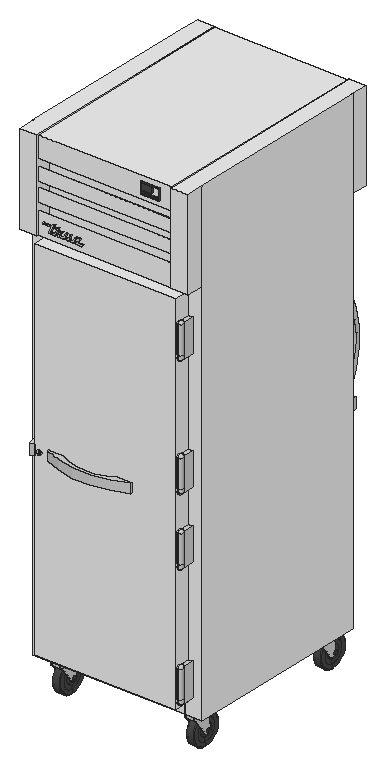
Revit family "QF_TRUE_STR1RPT-1S-1G-HC", category Specialty Equipment, Revit 2012
Parameters
  Weight in Pounds = 0
  Watts = Volts * FL Amps  # 437 W
  Volts = 115 V
  URL Manufacturer = "www.truemfg.com"
  URL Cutsheet = "www.truemfg.com"
  URL = "www.truemfg.com"
  Type Mark [instance] = ""
  Type Comments = "www.truemfg.com"
  Status [instance] = ""
  Specification by User [instance] = ""
  Specification by Manufacturer = ""
  Show Seismic Flanged [instance] = no
  Show Logo [instance] = yes
  Show Legs [instance] = no
  Show Clearance [instance] = yes
  Serial Number = ""
  Seismic Rating = ""
  Seismic Plate [instance] = and(Show Seismic Flanged, not(Show Casters))  # no
  SMACNA No = ""
  Revision Code [instance] = ""
  Phase = 1
  Omniclass Number and Title = ""
  Number of Poles [instance] = 1
  NAFEM Spec ID Number = ""
  Model = "STR1RPT-1S-1G-HC"
  Min Ckt Ampacity = 3.8 A
  Max Overcurrent Protection = 3.8 A
  MasterSpec. = ""
  Manufacturer = "TRUE FOOD SERVICE EQUIPMENT, INC."
  Length = 27 1/2"
  Legs [instance] = or(Show Legs, Show Seismic Flanged)  # no
  Item Number [instance] = ""
  Installed By [instance] = ""
  Identify Quantity as Lot [instance] = yes
  Height = 77 3/4"
  HP = "1/4"
  Furnished By [instance] = ""
  Foodservice Equipment Identifier [instance] = yes
  FL Amps = 3.8 A
  Electrical Remarks [instance] = ""
  Electric Connection Type [instance] = ""
  Elec Conn RI Height [instance] = 0"
  Elec Conn Connection Height [instance] = 0"
  Description = "PASS-THRU SOLID FRONT/GLASS REAR SWING DOORS REFRIGERATOR WITH HYDROCARBON REFRIGERANT"
  Depth = 36 1/8"
  Cycle = 60 Hz
  Conn Plug = "5-15P"
  Conn Conduit = yes
  Show Casters [instance] = and(not(if(Show Legs, Show Legs, Show Legs)), not(if(Show Legs, Show Legs, Show Seismic Flanged)))  # yes
  CSI MasterFormat = ""
  CSI Master Format = ""
  Apparent Power = if(Phase = 3, Volts * FL Amps * 1.73, Volts * FL Amps)  # 437 VA
Reference planes (in)
  plane 1: z = 0
  plane 2 "LEFT": x = 0
  plane 3 "RIGHT": x = 27.5
  plane 4 "FRONT": y = -33.75
  plane 5 "TOP": z = 84.125
  plane 6: z = 6.125
  plane 7: y = -33.7042
  plane 8: y = 2.375
  plane 9: y = 4.03125
  plane 10: y = -35.40625
Forms (in)
  Extrusion 1, solid, material "QF_Finishes_Chrome - Satin"
    sketch origin (0.05, 0, 0) x (1, 0, 0) y (0, 1, 0)
      loop
        line (-0.05, -0.375) -> (-0.05, -31) -> (2.80938, -31) -> (2.80938, -0.375) -> (-0.05, -0.375)
    from 6.125 to 84.125
  Extrusion 2, solid, material "QF_Finishes_Chrome - Satin"
    sketch origin (50.10312, 0, 0) x (1, 0, 0) y (0, 1, 0)
      loop
        line (-25.4625, -0.375) -> (-25.4625, -31) -> (-22.60312, -31) -> (-22.60312, -0.375) -> (-25.4625, -0.375)
    from 6.125 to 84.125
  Extrusion 3, solid, material "QF_Finishes_Chrome - Satin"
    sketch origin (0, 0, 0) x (0, 1, 0) y (0, 0, 1)
      loop
        line (-33.5625, 69.5) -> (-31, 69.5) -> (-31, 64.625) -> (-0.375, 64.625) -> (-0.375, 69.5) -> (2.1875, 69.5) -> (2.1875, 73.29302) -> (-0.15841, 71.625) -> (-0.15841, 72.90057) -> (2.1875, 74.56859) -> (2.1875, 76.6648) -> (-0.15841, 74.99678) -> (-0.15841, 75.95754) -> (2.1875, 77.62556) -> (2.1875, 79.75927) -> (-0.15841, 78.09125) -> (-0.15841, 79.21352) -> (2.1875, 80.88154) -> (2.1875, 84.125) -> (-33.5625, 84.125) -> (-33.5625, 80.68002) -> (-31.5, 79.21352) -> (-31.5, 78.09125) -> (-33.5625, 79.55776) -> (-33.5625, 77.42405) -> (-31.5, 75.95754) -> (-31.5, 74.99678) -> (-33.5625, 76.46328) -> (-33.5625, 74.36708) -> (-31.5, 72.90057) -> (-31.5, 71.625) -> (-33.5625, 73.09151) -> (-33.5625, 69.5)
      loop
        line (-31, 6.125) -> (-0.375, 6.125) -> (-0.375, 8.94743) -> (-31, 8.94743) -> (-31, 6.125)
    from 2.85938 to 24.64063
  Extrusion 4, solid, material "QF_Finishes_Chrome - Satin"
    sketch origin (0.10531, 0, 0) x (1, 0, 0) y (0, 1, 0)
      loop
        line (27.34782, -31) -> (24.53532, -31) -> (24.53532, -33.75) -> (27.34782, -33.75) -> (27.34782, -31)
    from 69.5 to 84.125
  Extrusion 5, solid, material "QF_Finishes_Chrome - Satin"
    sketch origin (-50.19421, 0, 0.25) x (1, 0, 0) y (0, 1, 0)
      loop
        line (53.05359, -31) -> (50.24109, -31) -> (50.24109, -33.75) -> (53.05359, -33.75) -> (53.05359, -31)
    from 69.25 to 83.875
  Extrusion 6, solid, material "QF_Finishes_Chrome - Satin"
    sketch origin (-25.125, 0, -0.71875) x (1, 0, 0) y (0, 0, 1)
      loop
        line (50.34375, 68.6875) -> (27.40625, 68.6875) -> (27.40625, 8.75) -> (50.34375, 8.75) -> (50.34375, 68.6875)
    from 31 to 33.5625
  Extrusion 7, solid, material "QF_Finishes_Handrails and Railings"
    sketch origin (58.4375, -0.0747, 26.3692) x (1, 0, 0) y (0, 1, 0)
      loop
        line (-53.875, -33.4878) -> (-53.875, -33.7)
        arc (-53.875, -33.7) -> (-47.075, -35.33156) -> (-40.275, -33.7) r 14.98624
        line (-40.275, -33.7) -> (-40.275, -33.4878) -> (-42.65351, -33.4878)
        arc (-42.65351, -33.4878) -> (-47.075, -34.84322) -> (-51.49649, -33.4878) r 7.88937
        line (-51.49649, -33.4878) -> (-53.875, -33.4878)
    from 10.87731 to 12.37731
  Extrusion 8, solid, material "QF_Finishes_Handrails and Railings"
    sketch origin (-23.375, 0, -2.25) x (1, 0, 0) y (0, 0, 1)
      loop
        circle (26.4375, 40.0625) r 0.35
      loop
        line (26.47265, 40.33635) -> (26.41715, 40.33635) -> (26.41715, 39.76895) -> (26.47265, 39.76895) -> (26.47265, 40.33635)
    from 33.5625 to 33.625
  Extrusion 9, solid, material "QF_Finishes_Handrails and Railings", visible <- "Show Logo"
    sketch origin (0.33478, 1.08173, -6.73143) x (1, 0, 0) y (0, 0, 1)
      loop
        line (3.46044, 78.46231) -> (3.35478, 78.23573) -> (4.76027, 78.23573)
        arc (4.76027, 78.23573) -> (4.78879, 78.18528) -> (4.76027, 78.13484) r 0.05887
        line (4.76027, 78.13484) -> (4.39369, 77.34872)
        arc (4.39369, 77.34872) -> (4.39051, 77.27591) -> (4.43975, 77.22217) r 0.09523
        line (4.43975, 77.22217) -> (5.33844, 77.22217)
        arc (5.33844, 77.22217) -> (5.45192, 77.25795) -> (5.52436, 77.35235) r 0.19785
        line (5.52436, 77.35235) -> (5.81285, 77.97101) -> (6.0779, 77.97101)
        arc (6.0779, 77.97101) -> (6.14744, 77.94543) -> (6.13737, 77.87203) r 0.05911
        line (6.13737, 77.87203) -> (5.89598, 77.35437)
        arc (5.89598, 77.35437) -> (5.89974, 77.2684) -> (5.97231, 77.22217) r 0.09318
        line (5.97231, 77.22217) -> (6.76198, 77.22217)
        arc (6.76198, 77.22217) -> (6.82249, 77.24419) -> (6.85468, 77.29995) r 0.09412
        arc (6.85468, 77.29995) -> (6.87746, 77.24495) -> (6.93246, 77.22217) r 0.07778
        line (6.93246, 77.22217) -> (7.43246, 77.22217)
        arc (7.43246, 77.22217) -> (7.49022, 77.23765) -> (7.53251, 77.27993) r 0.11552
        arc (7.53251, 77.27993) -> (7.55275, 77.23106) -> (7.60162, 77.21081) r 0.06912
        line (7.60162, 77.21081) -> (8.31225, 77.21081)
        arc (8.31225, 77.21081) -> (8.37034, 77.23488) -> (8.39441, 77.29297) r 0.08216
        arc (8.39441, 77.29297) -> (8.44767, 77.23972) -> (8.52042, 77.22022) r 0.14551
        line (8.52042, 77.22022) -> (9.85158, 77.22022) -> (9.99946, 77.47634) -> (8.65678, 77.47634)
        arc (8.65678, 77.47634) -> (8.61972, 77.50204) -> (8.61834, 77.54711) r 0.05009
        line (8.61834, 77.54711) -> (8.64157, 77.59692)
        arc (8.64157, 77.59692) -> (8.67723, 77.64364) -> (8.73327, 77.66135) r 0.09747
        line (8.73327, 77.66135) -> (9.16485, 77.66135)
        arc (9.16485, 77.66135) -> (9.258, 77.68631) -> (9.32619, 77.7545) r 0.1863
        line (9.32619, 77.7545) -> (9.45119, 77.97101)
        arc (9.45119, 77.97101) -> (9.45119, 78.08657) -> (9.35111, 78.14434) r 0.11556
        line (9.35111, 78.14434) -> (8.89562, 78.14434)
        arc (8.89562, 78.14434) -> (8.7795, 78.12462) -> (8.69849, 78.03912) r 0.18605
        line (8.69849, 78.03912) -> (8.48204, 77.57493)
        arc (8.48204, 77.57493) -> (8.41815, 77.49167) -> (8.31806, 77.46011) r 0.1745
        line (8.31806, 77.46011) -> (7.84559, 77.46011)
        arc (7.84559, 77.46011) -> (7.78903, 77.52184) -> (7.79268, 77.60548) r 0.10939
        line (7.79268, 77.60548) -> (8.04395, 78.14434) -> (7.88403, 78.14434) -> (7.61781, 77.57344)
        arc (7.61781, 77.57344) -> (7.56609, 77.50603) -> (7.48505, 77.48048) r 0.14128
        line (7.48505, 77.48048) -> (7.15925, 77.48048)
        arc (7.15925, 77.48048) -> (7.10419, 77.55223) -> (7.116, 77.64189) r 0.11816
        line (7.116, 77.64189) -> (7.3503, 78.14434) -> (7.18514, 78.14434) -> (6.91546, 77.566)
        arc (6.91546, 77.566) -> (6.85285, 77.50339) -> (6.76733, 77.48048) r 0.17104
        line (6.76733, 77.48048) -> (6.29555, 77.48048)
        arc (6.29555, 77.48048) -> (6.21082, 77.51999) -> (6.20267, 77.61313) r 0.0935
        line (6.20267, 77.61313) -> (6.35774, 77.94569) -> (6.57695, 77.94569)
        arc (6.57695, 77.94569) -> (6.61395, 78.05717) -> (6.69267, 78.14434) r 0.2857
        line (6.69267, 78.14434) -> (5.83605, 78.14434)
        arc (5.83605, 78.14434) -> (5.74086, 78.12324) -> (5.67498, 78.05135) r 0.16212
        line (5.67498, 78.05135) -> (5.44279, 77.55341)
        arc (5.44279, 77.55341) -> (5.3894, 77.50002) -> (5.31647, 77.48048) r 0.14586
        line (5.31647, 77.48048) -> (4.80506, 77.48048)
        arc (4.80506, 77.48048) -> (4.76514, 77.53442) -> (4.77274, 77.60109) r 0.09155
        line (4.77274, 77.60109) -> (5.11018, 78.23573) -> (5.96155, 78.23573) -> (6.06721, 78.46231) -> (5.21584, 78.46231) -> (5.32149, 78.68888) -> (5.01862, 78.68888) -> (4.91297, 78.46231) -> (3.46044, 78.46231)
      loop
        arc (8.83805, 77.93863) -> (8.80119, 77.92875) -> (8.7742, 77.90176) r 0.07373
        line (8.7742, 77.90176) -> (8.75229, 77.83436)
        arc (8.75229, 77.83436) -> (8.76245, 77.80983) -> (8.78699, 77.79966) r 0.0347
        line (8.78699, 77.79966) -> (9.15948, 77.79966)
        arc (9.15948, 77.79966) -> (9.18632, 77.80561) -> (9.20812, 77.82234) r 0.0635
        line (9.20812, 77.82234) -> (9.22624, 77.90622)
        arc (9.22624, 77.90622) -> (9.22091, 77.92868) -> (9.20009, 77.93863) r 0.02676
        line (9.20009, 77.93863) -> (8.83805, 77.93863)
    from 34.64423 to 34.83173
  Extrusion 10, solid
    sketch origin (-25.125, 2.60721, 0) x (1, 0, 0) y (0, 0, 1)
      loop
        circle (49.375, 82) r 0.25
    from 0.23221 to 0.125
  Blend 11, solid, material "QF_Finishes_Handrails and Railings"
    base sketch origin (27.53125, 0, -0.25) x (-1, 0, 0) y (0, 0, -1)
      loop
        line (25.25, -38.99169) -> (26, -38.99169) -> (26, -37.24169) -> (25.25, -37.24169) -> (25.25, -38.99169)
    top sketch origin (27.53125, 0, -0.25) x (-1, 0, 0) y (0, 0, -1)
      loop
        line (26.18223, -36.6441) -> (25.25, -36.6441) -> (25.25, -39.42643) -> (26.18223, -39.42643) -> (26.18223, -36.6441)
    from 33.5625 to 31
  Extrusion 12, solid, material "QF_Finishes_Handrails and Railings"
    sketch origin (26.21875, 0.10979, 0) x (0, 1, 0) y (0, 0, -1)
      loop
        line (-31.10979, -64.55229) -> (-31.10979, -59.23627) -> (-33.25, -59.23627) -> (-33.25, -59.94848) -> (-32.81497, -59.94848) -> (-32.81497, -64.34776)
        arc (-32.81497, -64.34776) -> (-32.75506, -64.49238) -> (-32.61044, -64.55229) r 0.20453
        line (-32.61044, -64.55229) -> (-31.10979, -64.55229)
    from 0.17506 to 1
  Revolve 13, solid, material "QF_Finishes_Handrails and Railings"
    sketch origin (25.71875, 0.10979, 0) x (0, 1, 0) y (0, 0, -1)
      loop
        line (-33.26563, -60.00189) -> (-33.67229, -60.00189) -> (-33.67229, -64.4736)
        arc (-33.67229, -64.4736) -> (-33.53722, -64.72557) -> (-33.26563, -64.81483) r 0.3848
        line (-33.26563, -64.81483) -> (-33.26563, -60.00189)
      loop
        line (-33.26563, -59.94848) -> (-33.26563, -59.04781)
        arc (-33.26563, -59.04781) -> (-33.53264, -59.13383) -> (-33.67229, -59.37712) r 0.38884
        line (-33.67229, -59.37712) -> (-33.67229, -59.94848) -> (-33.26563, -59.94848)
      axis (-33.26563, -59.04781) -> (-33.26563, -64.81483)
    angle from 0 to 360
  Extrusion 14, solid, material "QF_Finishes_Handrails and Railings"
    sketch origin (27.53125, 0.10979, 0) x (-1, 0, 0) y (0, 0, -1)
      loop
        line (1.91491, -64.4736) -> (2.3125, -64.4736) -> (2.3125, -60.00079) -> (1.91491, -60.00079) -> (1.91491, -64.4736)
    from 32.81497 to 33.59495
  Extrusion 15, solid, material "QF_Finishes_Handrails and Railings"
    sketch origin (26.21875, 0.10979, -19.5) x (0, 1, 0) y (0, 0, -1)
      loop
        line (-31.10979, -64.55229) -> (-31.10979, -59.23627) -> (-33.25, -59.23627) -> (-33.25, -59.94848) -> (-32.81497, -59.94848) -> (-32.81497, -64.34776)
        arc (-32.81497, -64.34776) -> (-32.75506, -64.49238) -> (-32.61044, -64.55229) r 0.20453
        line (-32.61044, -64.55229) -> (-31.10979, -64.55229)
    from 0.17506 to 1
  Revolve 16, solid, material "QF_Finishes_Handrails and Railings"
    sketch origin (25.71875, 0.10979, -19.5) x (0, 1, 0) y (0, 0, -1)
      loop
        line (-33.26563, -60.00189) -> (-33.67229, -60.00189) -> (-33.67229, -64.4736)
        arc (-33.67229, -64.4736) -> (-33.53722, -64.72557) -> (-33.26563, -64.81483) r 0.3848
        line (-33.26563, -64.81483) -> (-33.26563, -60.00189)
      loop
        line (-33.26563, -59.94848) -> (-33.26563, -59.04781)
        arc (-33.26563, -59.04781) -> (-33.53264, -59.13383) -> (-33.67229, -59.37712) r 0.38884
        line (-33.67229, -59.37712) -> (-33.67229, -59.94848) -> (-33.26563, -59.94848)
      axis (-33.26563, -59.04781) -> (-33.26563, -64.81483)
    angle from 0 to 360
  Extrusion 17, solid, material "QF_Finishes_Handrails and Railings"
    sketch origin (27.53125, 0.10979, -19.5) x (-1, 0, 0) y (0, 0, -1)
      loop
        line (1.91491, -64.4736) -> (2.3125, -64.4736) -> (2.3125, -60.00079) -> (1.91491, -60.00079) -> (1.91491, -64.4736)
    from 32.81497 to 33.59495
  Extrusion 18, solid, material "QF_Finishes_Handrails and Railings"
    sketch origin (26.21875, 0.10979, -30.5) x (0, 1, 0) y (0, 0, -1)
      loop
        line (-31.10979, -64.55229) -> (-31.10979, -59.23627) -> (-33.25, -59.23627) -> (-33.25, -59.94848) -> (-32.81497, -59.94848) -> (-32.81497, -64.34776)
        arc (-32.81497, -64.34776) -> (-32.75506, -64.49238) -> (-32.61044, -64.55229) r 0.20453
        line (-32.61044, -64.55229) -> (-31.10979, -64.55229)
    from 0.17506 to 1
  Revolve 19, solid, material "QF_Finishes_Handrails and Railings"
    sketch origin (25.71875, 0.10979, -30.5) x (0, 1, 0) y (0, 0, -1)
      loop
        line (-33.26563, -60.00189) -> (-33.67229, -60.00189) -> (-33.67229, -64.4736)
        arc (-33.67229, -64.4736) -> (-33.53722, -64.72557) -> (-33.26563, -64.81483) r 0.3848
        line (-33.26563, -64.81483) -> (-33.26563, -60.00189)
      loop
        line (-33.26563, -59.94848) -> (-33.26563, -59.04781)
        arc (-33.26563, -59.04781) -> (-33.53264, -59.13383) -> (-33.67229, -59.37712) r 0.38884
        line (-33.67229, -59.37712) -> (-33.67229, -59.94848) -> (-33.26563, -59.94848)
      axis (-33.26563, -59.04781) -> (-33.26563, -64.81483)
    angle from 0 to 360
  Extrusion 20, solid, material "QF_Finishes_Handrails and Railings"
    sketch origin (27.53125, 0.10979, -30.5) x (-1, 0, 0) y (0, 0, -1)
      loop
        line (1.91491, -64.4736) -> (2.3125, -64.4736) -> (2.3125, -60.00079) -> (1.91491, -60.00079) -> (1.91491, -64.4736)
    from 32.81497 to 33.59495
  Extrusion 21, solid, material "QF_Finishes_Handrails and Railings"
    sketch origin (26.21875, 0.10979, -50.25) x (0, 1, 0) y (0, 0, -1)
      loop
        line (-31.10979, -64.55229) -> (-31.10979, -59.19743) -> (-33.25, -59.19743) -> (-33.25, -59.94848) -> (-32.81497, -59.94848) -> (-32.81497, -64.34776)
        arc (-32.81497, -64.34776) -> (-32.75506, -64.49238) -> (-32.61044, -64.55229) r 0.20453
        line (-32.61044, -64.55229) -> (-31.10979, -64.55229)
    from 0.17506 to 1
  Revolve 22, solid, material "QF_Finishes_Handrails and Railings"
    sketch origin (25.71875, 0.10979, -50.25) x (0, 1, 0) y (0, 0, -1)
      loop
        line (-33.26563, -60.00189) -> (-33.67229, -60.00189) -> (-33.67229, -64.4736)
        arc (-33.67229, -64.4736) -> (-33.53722, -64.72557) -> (-33.26563, -64.81483) r 0.3848
        line (-33.26563, -64.81483) -> (-33.26563, -60.00189)
      loop
        line (-33.26563, -59.94848) -> (-33.26563, -59.04781)
        arc (-33.26563, -59.04781) -> (-33.53264, -59.13383) -> (-33.67229, -59.37712) r 0.38884
        line (-33.67229, -59.37712) -> (-33.67229, -59.94848) -> (-33.26563, -59.94848)
      axis (-33.26563, -59.04781) -> (-33.26563, -64.81483)
    angle from 0 to 360
  Extrusion 23, solid, material "QF_Finishes_Handrails and Railings"
    sketch origin (27.53125, 0.10979, -50.25) x (-1, 0, 0) y (0, 0, -1)
      loop
        line (1.91491, -64.4736) -> (2.3125, -64.4736) -> (2.3125, -60.00079) -> (1.91491, -60.00079) -> (1.91491, -64.4736)
    from 32.81497 to 33.59495
  Revolve 24, solid, material "QF_Finishes_Black", visible <- "Show Casters"
    sketch origin (22.65625, -27.375, 0) x (1, 0, 0) y (0, 0, 1)
      loop
        line (1.475, 5) -> (1.375, 4.9) -> (1.375, 4.29941) -> (1.53601, 4.29941) -> (1.53601, 3.54941) -> (1.375, 3.54941) -> (1.375, 2.79941) -> (0.975, 2.79941) -> (0.975, 2.5) -> (3.025, 2.5) -> (3.025, 2.79941) -> (2.62908, 2.79941) -> (2.62908, 3.54941) -> (2.46399, 3.54941) -> (2.46399, 4.29941) -> (2.62908, 4.29941) -> (2.62908, 4.89592) -> (2.525, 5) -> (1.475, 5)
      axis (3.025, 2.5) -> (0.975, 2.5)
    angle from 0 to 360
  Extrusion 25, solid, material "QF_Finishes_Handrails and Railings", visible <- "Show Casters"
    sketch origin (22.65625, 0, 0) x (0, 1, 0) y (0, 0, 1)
      loop
        line (-29.95136, 5.48574) -> (-29.95136, 4.88089) -> (-29.70136, 4.88089) -> (-27.95216, 2.18736)
        arc (-27.95216, 2.18736) -> (-27.23883, 1.94868) -> (-26.84581, 2.59003) r 0.60416
        line (-26.84581, 2.59003) -> (-27.20136, 5.48574) -> (-29.95136, 5.48574)
      loop
        line (-4.45145, 5.48574) -> (-4.45145, 4.88089) -> (-4.20145, 4.88089) -> (-2.45225, 2.18736)
        arc (-2.45225, 2.18736) -> (-1.73892, 1.94868) -> (-1.3459, 2.59003) r 0.60416
        line (-1.3459, 2.59003) -> (-1.70145, 5.48574) -> (-4.45145, 5.48574)
    from 1.175 to 1.325
  Extrusion 26, solid, material "QF_Finishes_Handrails and Railings", visible <- "Show Casters"
    sketch origin (24.15625, 0, 0) x (0, 1, 0) y (0, 0, 1)
      loop
        line (-29.95136, 5.48574) -> (-29.95136, 4.88089) -> (-29.70136, 4.88089) -> (-27.95216, 2.18736)
        arc (-27.95216, 2.18736) -> (-27.23883, 1.94868) -> (-26.84581, 2.59003) r 0.60416
        line (-26.84581, 2.59003) -> (-27.20136, 5.48574) -> (-29.95136, 5.48574)
      loop
        line (-4.45145, 5.48574) -> (-4.45145, 4.88089) -> (-4.20145, 4.88089) -> (-2.45225, 2.18736)
        arc (-2.45225, 2.18736) -> (-1.73892, 1.94868) -> (-1.3459, 2.59003) r 0.60416
        line (-1.3459, 2.59003) -> (-1.70145, 5.48574) -> (-4.45145, 5.48574)
    from 1.175 to 1.325
  Revolve 27, solid, material "QF_Finishes_Chrome - Satin", visible <- "Show Casters"
    sketch origin (22.65625, -28.5625, -0.5) x (1, 0, 0) y (0, 0, 1)
      loop
        line (2, 5.99546) -> (2, 6.62359) -> (0.70293, 6.62359) -> (0.70293, 5.99546) -> (2, 5.99546)
      axis (2, 5.99546) -> (2, 6.62359)
    angle from 0 to 360
  Revolve 28, solid, material "QF_Finishes_Chrome - Satin", visible <- "Legs"
    sketch origin (22.65625, -2.69102, 0) x (1, 0, 0) y (0, 0, 1)
      loop
        line (2, 6.125) -> (0.66662, 6.125) -> (1.25, 1) -> (1.5, 1) -> (1.5, 0) -> (2, 0) -> (2, 6.125)
      axis (2, 0) -> (2, 6.125)
    angle from 0 to 360
  Revolve 29, solid, material "QF_Finishes_Chrome - Satin", visible <- "Legs"
    sketch origin (22.65625, -28.65977, 0) x (1, 0, 0) y (0, 0, 1)
      loop
        line (2, 6.125) -> (0.66662, 6.125) -> (1.25, 1) -> (1.5, 1) -> (1.5, 0) -> (2, 0) -> (2, 6.125)
      axis (2, 0) -> (2, 6.125)
    angle from 0 to 360
  Revolve 30, solid, material "QF_Finishes_Chrome - Satin", visible <- "Show Casters"
    sketch origin (22.65625, -2.70321, -0.5) x (1, 0, 0) y (0, 0, 1)
      loop
        line (2, 5.99546) -> (2, 6.62359) -> (0.70293, 6.62359) -> (0.70293, 5.99546) -> (2, 5.99546)
      axis (2, 5.99546) -> (2, 6.62359)
    angle from 0 to 360
  Extrusion 31, solid, material "QF_Finishes_Handrails and Railings", visible <- "Show Casters"
    sketch origin (-25.125, 0, 0) x (0, 1, 0) y (0, 0, 1)
      loop
        line (-29.95136, 5.48574) -> (-29.95136, 4.88089) -> (-29.70136, 4.88089) -> (-27.16533, 5.19227) -> (-27.20136, 5.48574) -> (-29.95136, 5.48574)
      loop
        line (-4.45145, 5.48574) -> (-4.45145, 4.88089) -> (-4.20145, 4.88089) -> (-1.66542, 5.19227) -> (-1.70145, 5.48574) -> (-4.45145, 5.48574)
    from 49.10625 to 50.45625
  Revolve 32, solid, material "QF_Finishes_Black", visible <- "Show Casters"
    sketch origin (0.84375, -27.375, 0) x (1, 0, 0) y (0, 0, 1)
      loop
        line (1.475, 5) -> (1.375, 4.9) -> (1.375, 4.29941) -> (1.53601, 4.29941) -> (1.53601, 3.54941) -> (1.375, 3.54941) -> (1.375, 2.79941) -> (0.975, 2.79941) -> (0.975, 2.5) -> (3.025, 2.5) -> (3.025, 2.79941) -> (2.62908, 2.79941) -> (2.62908, 3.54941) -> (2.46399, 3.54941) -> (2.46399, 4.29941) -> (2.62908, 4.29941) -> (2.62908, 4.89592) -> (2.525, 5) -> (1.475, 5)
      axis (3.025, 2.5) -> (0.975, 2.5)
    angle from 0 to 360
  Extrusion 33, solid, material "QF_Finishes_Handrails and Railings", visible <- "Show Casters"
    sketch origin (0.84375, 0, 0) x (0, 1, 0) y (0, 0, 1)
      loop
        line (-29.95136, 5.48574) -> (-29.95136, 4.88089) -> (-29.70136, 4.88089) -> (-27.95216, 2.18736)
        arc (-27.95216, 2.18736) -> (-27.23883, 1.94868) -> (-26.84581, 2.59003) r 0.60416
        line (-26.84581, 2.59003) -> (-27.20136, 5.48574) -> (-29.95136, 5.48574)
      loop
        line (-4.45145, 5.48574) -> (-4.45145, 4.88089) -> (-4.20145, 4.88089) -> (-2.45225, 2.18736)
        arc (-2.45225, 2.18736) -> (-1.73892, 1.94868) -> (-1.3459, 2.59003) r 0.60416
        line (-1.3459, 2.59003) -> (-1.70145, 5.48574) -> (-4.45145, 5.48574)
    from 1.175 to 1.325
  Extrusion 34, solid, material "QF_Finishes_Handrails and Railings", visible <- "Show Casters"
    sketch origin (2.34375, 0, 0) x (0, 1, 0) y (0, 0, 1)
      loop
        line (-29.95136, 5.48574) -> (-29.95136, 4.88089) -> (-29.70136, 4.88089) -> (-27.95216, 2.18736)
        arc (-27.95216, 2.18736) -> (-27.23883, 1.94868) -> (-26.84581, 2.59003) r 0.60416
        line (-26.84581, 2.59003) -> (-27.20136, 5.48574) -> (-29.95136, 5.48574)
      loop
        line (-4.45145, 5.48574) -> (-4.45145, 4.88089) -> (-4.20145, 4.88089) -> (-2.45225, 2.18736)
        arc (-2.45225, 2.18736) -> (-1.73892, 1.94868) -> (-1.3459, 2.59003) r 0.60416
        line (-1.3459, 2.59003) -> (-1.70145, 5.48574) -> (-4.45145, 5.48574)
    from 1.175 to 1.325
  Revolve 35, solid, material "QF_Finishes_Chrome - Satin", visible <- "Show Casters"
    sketch origin (0.84375, -28.5625, -0.5) x (1, 0, 0) y (0, 0, 1)
      loop
        line (2, 5.99546) -> (2, 6.62359) -> (0.70293, 6.62359) -> (0.70293, 5.99546) -> (2, 5.99546)
      axis (2, 5.99546) -> (2, 6.62359)
    angle from 0 to 360
  Revolve 36, solid, material "QF_Finishes_Chrome - Satin", visible <- "Legs"
    sketch origin (0.84375, -2.69102, 0) x (1, 0, 0) y (0, 0, 1)
      loop
        line (2, 6.125) -> (0.66662, 6.125) -> (1.25, 1) -> (1.5, 1) -> (1.5, 0) -> (2, 0) -> (2, 6.125)
      axis (2, 0) -> (2, 6.125)
    angle from 0 to 360
  Revolve 37, solid, material "QF_Finishes_Chrome - Satin", visible <- "Legs"
    sketch origin (0.84375, -28.65977, 0) x (1, 0, 0) y (0, 0, 1)
      loop
        line (2, 6.125) -> (0.66662, 6.125) -> (1.25, 1) -> (1.5, 1) -> (1.5, 0) -> (2, 0) -> (2, 6.125)
      axis (2, 0) -> (2, 6.125)
    angle from 0 to 360
  Revolve 38, solid, material "QF_Finishes_Chrome - Satin", visible <- "Show Casters"
    sketch origin (0.84375, -2.70321, -0.5) x (1, 0, 0) y (0, 0, 1)
      loop
        line (2, 5.99546) -> (2, 6.62359) -> (0.70293, 6.62359) -> (0.70293, 5.99546) -> (2, 5.99546)
      axis (2, 5.99546) -> (2, 6.62359)
    angle from 0 to 360
  Extrusion 39, solid, material "QF_Finishes_Handrails and Railings", visible <- "Show Casters"
    sketch origin (-46.9375, 0, 0) x (0, 1, 0) y (0, 0, 1)
      loop
        line (-29.95136, 5.48574) -> (-29.95136, 4.88089) -> (-29.70136, 4.88089) -> (-27.16533, 5.19227) -> (-27.20136, 5.48574) -> (-29.95136, 5.48574)
      loop
        line (-4.45145, 5.48574) -> (-4.45145, 4.88089) -> (-4.20145, 4.88089) -> (-1.66542, 5.19227) -> (-1.70145, 5.48574) -> (-4.45145, 5.48574)
    from 49.10625 to 50.45625
  Extrusion 40, solid, material "QF_Finishes_Chrome - Satin"
    sketch origin (-25.125, -31.7042, -0.71875) x (1, 0, 0) y (0, 0, -1)
      loop
        line (27.40625, -68.6875) -> (50.34375, -68.6875) -> (50.34375, -8.75) -> (27.40625, -8.75) -> (27.40625, -68.6875)
      loop
        line (30.75, -12.09375) -> (30.75, -65.34375) -> (47, -65.34375) -> (47, -12.09375) -> (30.75, -12.09375)
    from 31.3292 to 33.8917
  Extrusion 41, solid, material "Glass"
    sketch origin (-25.125, -31.7042, -0.71875) x (1, 0, 0) y (0, 0, -1)
      loop
        line (47, -12.09375) -> (30.75, -12.09375) -> (30.75, -65.34375) -> (47, -65.34375) -> (47, -12.09375)
    from 31.3292 to 33.8917
  Extrusion 42, solid, material "QF_Finishes_Chrome - Satin"
    sketch origin (0.10531, -31.3292, 0) x (1, 0, 0) y (0, 1, 0)
      loop
        line (27.34782, 30.9542) -> (27.34782, 33.7042) -> (24.53532, 33.7042) -> (24.53532, 30.9542) -> (27.34782, 30.9542)
    from 69.5 to 84.125
  Extrusion 43, solid, material "QF_Finishes_Chrome - Satin"
    sketch origin (-50.19421, -31.3292, 0.25) x (1, 0, 0) y (0, 1, 0)
      loop
        line (53.05359, 30.625) -> (53.05359, 33.7042) -> (50.24109, 33.7042) -> (50.24109, 30.625) -> (53.05359, 30.625)
    from 69.25 to 83.875
  Extrusion 44, solid, material "QF_Finishes_Handrails and Railings"
    sketch origin (1.28125, -31.10979, 0) x (0, -1, 0) y (0, 0, -1)
      loop
        line (-30.73479, -64.55229) -> (-30.73479, -59.23627) -> (-32.875, -59.23627) -> (-32.875, -59.94848) -> (-32.43997, -59.94848) -> (-32.43997, -64.34776)
        arc (-32.43997, -64.34776) -> (-32.38006, -64.49238) -> (-32.23544, -64.55229) r 0.20453
        line (-32.23544, -64.55229) -> (-30.73479, -64.55229)
    from 0.17506 to 1
  Revolve 45, solid, material "QF_Finishes_Handrails and Railings"
    sketch origin (1.78125, -31.10979, 0) x (0, -1, 0) y (0, 0, -1)
      loop
        line (-32.89063, -60.00189) -> (-33.29729, -60.00189) -> (-33.29729, -64.4736)
        arc (-33.29729, -64.4736) -> (-33.16222, -64.72557) -> (-32.89063, -64.81483) r 0.3848
        line (-32.89063, -64.81483) -> (-32.89063, -60.00189)
      loop
        line (-32.89063, -59.94848) -> (-32.89063, -59.04781)
        arc (-32.89063, -59.04781) -> (-33.15764, -59.13383) -> (-33.29729, -59.37712) r 0.38884
        line (-33.29729, -59.37712) -> (-33.29729, -59.94848) -> (-32.89063, -59.94848)
      axis (-32.89063, -59.04781) -> (-32.89063, -64.81483)
    angle from 0 to 360
  Extrusion 46, solid, material "QF_Finishes_Handrails and Railings"
    sketch origin (-0.03125, -31.40745, 0) x (1, 0, 0) y (0, 0, -1)
      loop
        line (1.91491, -64.4736) -> (2.3125, -64.4736) -> (2.3125, -60.00079) -> (1.91491, -60.00079) -> (1.91491, -64.4736)
    from 32.81497 to 33.59495
  Extrusion 47, solid, material "QF_Finishes_Handrails and Railings"
    sketch origin (1.28125, -31.10979, -19.5) x (0, -1, 0) y (0, 0, -1)
      loop
        line (-30.73479, -64.55229) -> (-30.73479, -59.23627) -> (-32.875, -59.23627) -> (-32.875, -59.94848) -> (-32.43997, -59.94848) -> (-32.43997, -64.34776)
        arc (-32.43997, -64.34776) -> (-32.38006, -64.49238) -> (-32.23544, -64.55229) r 0.20453
        line (-32.23544, -64.55229) -> (-30.73479, -64.55229)
    from 0.17506 to 1
  Revolve 48, solid, material "QF_Finishes_Handrails and Railings"
    sketch origin (1.78125, -31.10979, -19.5) x (0, -1, 0) y (0, 0, -1)
      loop
        line (-32.89063, -60.00189) -> (-33.29729, -60.00189) -> (-33.29729, -64.4736)
        arc (-33.29729, -64.4736) -> (-33.16222, -64.72557) -> (-32.89063, -64.81483) r 0.3848
        line (-32.89063, -64.81483) -> (-32.89063, -60.00189)
      loop
        line (-32.89063, -59.94848) -> (-32.89063, -59.04781)
        arc (-32.89063, -59.04781) -> (-33.15764, -59.13383) -> (-33.29729, -59.37712) r 0.38884
        line (-33.29729, -59.37712) -> (-33.29729, -59.94848) -> (-32.89063, -59.94848)
      axis (-32.89063, -59.04781) -> (-32.89063, -64.81483)
    angle from 0 to 360
  Extrusion 49, solid, material "QF_Finishes_Handrails and Railings"
    sketch origin (-0.03125, -31.40745, -19.5) x (1, 0, 0) y (0, 0, -1)
      loop
        line (1.91491, -64.4736) -> (2.3125, -64.4736) -> (2.3125, -60.00079) -> (1.91491, -60.00079) -> (1.91491, -64.4736)
    from 32.81497 to 33.59495
  Extrusion 50, solid, material "QF_Finishes_Handrails and Railings"
    sketch origin (1.28125, -31.10979, -30.5) x (0, -1, 0) y (0, 0, -1)
      loop
        line (-30.73479, -64.55229) -> (-30.73479, -59.23627) -> (-32.875, -59.23627) -> (-32.875, -59.94848) -> (-32.43997, -59.94848) -> (-32.43997, -64.34776)
        arc (-32.43997, -64.34776) -> (-32.38006, -64.49238) -> (-32.23544, -64.55229) r 0.20453
        line (-32.23544, -64.55229) -> (-30.73479, -64.55229)
    from 0.17506 to 1
  Revolve 51, solid, material "QF_Finishes_Handrails and Railings"
    sketch origin (1.78125, -31.10979, -30.5) x (0, -1, 0) y (0, 0, -1)
      loop
        line (-32.89063, -60.00189) -> (-33.29729, -60.00189) -> (-33.29729, -64.4736)
        arc (-33.29729, -64.4736) -> (-33.16222, -64.72557) -> (-32.89063, -64.81483) r 0.3848
        line (-32.89063, -64.81483) -> (-32.89063, -60.00189)
      loop
        line (-32.89063, -59.94848) -> (-32.89063, -59.04781)
        arc (-32.89063, -59.04781) -> (-33.15764, -59.13383) -> (-33.29729, -59.37712) r 0.38884
        line (-33.29729, -59.37712) -> (-33.29729, -59.94848) -> (-32.89063, -59.94848)
      axis (-32.89063, -59.04781) -> (-32.89063, -64.81483)
    angle from 0 to 360
  Extrusion 52, solid, material "QF_Finishes_Handrails and Railings"
    sketch origin (-0.03125, -31.40745, -30.5) x (1, 0, 0) y (0, 0, -1)
      loop
        line (1.91491, -64.4736) -> (2.3125, -64.4736) -> (2.3125, -60.00079) -> (1.91491, -60.00079) -> (1.91491, -64.4736)
    from 32.81497 to 33.59495
  Extrusion 53, solid, material "QF_Finishes_Handrails and Railings"
    sketch origin (1.28125, -31.10979, -50.25) x (0, -1, 0) y (0, 0, -1)
      loop
        line (-30.73479, -64.55229) -> (-30.73479, -59.23627) -> (-32.875, -59.23627) -> (-32.875, -59.94848) -> (-32.43997, -59.94848) -> (-32.43997, -64.34776)
        arc (-32.43997, -64.34776) -> (-32.38006, -64.49238) -> (-32.23544, -64.55229) r 0.20453
        line (-32.23544, -64.55229) -> (-30.73479, -64.55229)
    from 0.17506 to 1
  Revolve 54, solid, material "QF_Finishes_Handrails and Railings"
    sketch origin (1.78125, -31.10979, -50.25) x (0, -1, 0) y (0, 0, -1)
      loop
        line (-32.89063, -60.00189) -> (-33.29729, -60.00189) -> (-33.29729, -64.4736)
        arc (-33.29729, -64.4736) -> (-33.16222, -64.72557) -> (-32.89063, -64.81483) r 0.3848
        line (-32.89063, -64.81483) -> (-32.89063, -60.00189)
      loop
        line (-32.89063, -59.94848) -> (-32.89063, -59.04781)
        arc (-32.89063, -59.04781) -> (-33.15764, -59.13383) -> (-33.29729, -59.37712) r 0.38884
        line (-33.29729, -59.37712) -> (-33.29729, -59.94848) -> (-32.89063, -59.94848)
      axis (-32.89063, -59.04781) -> (-32.89063, -64.81483)
    angle from 0 to 360
  Extrusion 55, solid, material "QF_Finishes_Handrails and Railings"
    sketch origin (-0.03125, -31.40745, -50.25) x (1, 0, 0) y (0, 0, -1)
      loop
        line (1.91491, -64.4736) -> (2.3125, -64.4736) -> (2.3125, -60.00079) -> (1.91491, -60.00079) -> (1.91491, -64.4736)
    from 32.81497 to 33.59495
  Extrusion 56, solid, material "QF_Finishes_Handrails and Railings"
    sketch origin (35.93981, -31.30037, 93.525) x (0, -1, 0) y (0, 0, 1)
      loop
        line (-33.48787, -54.775) -> (-33.48787, -52.39885)
        arc (-33.48787, -52.39885) -> (-34.83022, -47.525) -> (-33.48787, -42.65115) r 9.51924
        line (-33.48787, -42.65115) -> (-33.48787, -40.275) -> (-33.7, -40.275)
        arc (-33.7, -40.275) -> (-35.33163, -47.525) -> (-33.7, -54.775) r 16.92322
        line (-33.7, -54.775) -> (-33.48787, -54.775)
    from 10.87731 to 12.37731
  Extrusion 57, solid, material "QF_Finishes_Handrails and Railings"
    sketch origin (-25.125, 2.1875, -0.71875) x (1, 0, 0) y (0, 0, -1)
      loop
        circle (49.53125, -38.09375) r 0.35
      loop
        line (49.4961, -38.36761) -> (49.5516, -38.36761) -> (49.5516, -37.8002) -> (49.4961, -37.8002) -> (49.4961, -38.36761)
    from 0 to 0.0625
  Blend 58, solid, material "QF_Finishes_Handrails and Railings"
    base sketch origin (-0.03125, -31.375, -0.6875) x (1, 0, 0) y (0, 0, -1)
      loop
        line (25.25, -38.99169) -> (26, -38.99169) -> (26, -37.24169) -> (25.25, -37.24169) -> (25.25, -38.99169)
    top sketch origin (-0.03125, -31.375, -0.6875) x (1, 0, 0) y (0, 0, -1)
      loop
        line (26.18223, -36.6441) -> (25.25, -36.6441) -> (25.25, -39.42643) -> (26.18223, -39.42643) -> (26.18223, -36.6441)
    from 33.5625 to 31
  Extrusion 59, solid, material "QF_Finishes_White"
    sketch origin (-23.16691, 1.06376, 1.58022) x (1, 0, 0) y (0, 0, 1)
      loop
        line (42.91107, 81.73227) -> (42.91107, 79.98496) -> (45.81732, 79.98496) -> (45.81732, 81.73227) -> (42.91107, 81.73227)
    from 34.62626 to 34.72001
  Extrusion 60, solid, material "QF_Finishes_Black"
    sketch origin (-23.16691, 1.06376, 1.58022) x (1, 0, 0) y (0, 0, 1)
      loop
        line (45.87982, 81.79477) -> (42.84857, 81.79477) -> (42.84857, 79.92246) -> (45.87982, 79.92246) -> (45.87982, 81.79477)
      loop
        spline (43.04857, 80.25372) -> (43.05708, 80.23754) -> (43.08206, 80.22247) -> (43.12179, 80.20952) -> (43.17357, 80.19959) -> (43.23386, 80.19335) -> (43.29857, 80.19122) -> (43.36327, 80.19335) -> (43.42357, 80.19959) -> (43.47534, 80.20952) -> (43.51507, 80.22247) -> (43.54005, 80.23754) -> (43.54857, 80.25372)
        spline (43.54857, 80.25372) -> (43.54005, 80.26989) -> (43.51507, 80.28497) -> (43.47534, 80.29791) -> (43.42357, 80.30784) -> (43.36327, 80.31409) -> (43.29857, 80.31622) -> (43.23386, 80.31409) -> (43.17357, 80.30784) -> (43.12179, 80.29791) -> (43.08206, 80.28497) -> (43.05708, 80.26989) -> (43.04857, 80.25372)
      loop
        spline (43.74458, 80.25372) -> (43.7531, 80.23754) -> (43.77807, 80.22247) -> (43.8178, 80.20952) -> (43.86958, 80.19959) -> (43.92987, 80.19335) -> (43.99458, 80.19122) -> (44.05928, 80.19335) -> (44.11958, 80.19959) -> (44.17136, 80.20952) -> (44.21109, 80.22247) -> (44.23606, 80.23754) -> (44.24458, 80.25372)
        spline (44.24458, 80.25372) -> (44.23606, 80.26989) -> (44.21109, 80.28497) -> (44.17136, 80.29791) -> (44.11958, 80.30784) -> (44.05928, 80.31409) -> (43.99458, 80.31622) -> (43.92987, 80.31409) -> (43.86958, 80.30784) -> (43.8178, 80.29791) -> (43.77807, 80.28497) -> (43.7531, 80.26989) -> (43.74458, 80.25372)
      loop
        spline (44.49458, 80.25372) -> (44.5031, 80.23754) -> (44.52807, 80.22247) -> (44.5678, 80.20952) -> (44.61958, 80.19959) -> (44.67987, 80.19335) -> (44.74458, 80.19122) -> (44.80928, 80.19335) -> (44.86958, 80.19959) -> (44.92136, 80.20952) -> (44.96109, 80.22247) -> (44.98606, 80.23754) -> (44.99458, 80.25372)
        spline (44.99458, 80.25372) -> (44.98606, 80.26989) -> (44.96109, 80.28497) -> (44.92136, 80.29791) -> (44.86958, 80.30784) -> (44.80928, 80.31409) -> (44.74458, 80.31622) -> (44.67987, 80.31409) -> (44.61958, 80.30784) -> (44.5678, 80.29791) -> (44.52807, 80.28497) -> (44.5031, 80.26989) -> (44.49458, 80.25372)
      loop
        line (43.04856, 81.59478) -> (43.04856, 80.59478) -> (44.74808, 80.59478) -> (44.74808, 81.59478) -> (43.04856, 81.59478)
      loop
        line (45.81732, 81.73227) -> (42.91107, 81.73227) -> (42.91107, 79.98496) -> (45.81732, 79.98496) -> (45.81732, 81.73227)
      loop
        spline (45.24458, 80.25372) -> (45.2531, 80.23754) -> (45.27807, 80.22247) -> (45.3178, 80.20952) -> (45.36958, 80.19959) -> (45.42987, 80.19335) -> (45.49458, 80.19122) -> (45.55928, 80.19335) -> (45.61958, 80.19959) -> (45.67136, 80.20952) -> (45.71109, 80.22247) -> (45.73606, 80.23754) -> (45.74458, 80.25372)
        spline (45.74458, 80.25372) -> (45.73606, 80.26989) -> (45.71109, 80.28497) -> (45.67136, 80.29791) -> (45.61958, 80.30784) -> (45.55928, 80.31409) -> (45.49458, 80.31622) -> (45.42987, 80.31409) -> (45.36958, 80.30784) -> (45.3178, 80.29791) -> (45.27807, 80.28497) -> (45.2531, 80.26989) -> (45.24458, 80.25372)
    from 34.62626 to 34.81376
  Revolve 61, solid, material "QF_Finishes_Black", visible <- "Show Casters"
    sketch origin (22.65625, -1.50009, 0) x (1, 0, 0) y (0, 0, 1)
      loop
        line (1.475, 5) -> (1.375, 4.9) -> (1.375, 4.29941) -> (1.53601, 4.29941) -> (1.53601, 3.54941) -> (1.375, 3.54941) -> (1.375, 2.79941) -> (0.975, 2.79941) -> (0.975, 2.5) -> (3.025, 2.5) -> (3.025, 2.79941) -> (2.62908, 2.79941) -> (2.62908, 3.54941) -> (2.46399, 3.54941) -> (2.46399, 4.29941) -> (2.62908, 4.29941) -> (2.62908, 4.89592) -> (2.525, 5) -> (1.475, 5)
      axis (3.025, 2.5) -> (0.975, 2.5)
    angle from 0 to 360
  Revolve 62, solid, material "QF_Finishes_Black", visible <- "Show Casters"
    sketch origin (0.84375, -1.50009, 0) x (1, 0, 0) y (0, 0, 1)
      loop
        line (1.475, 5) -> (1.375, 4.9) -> (1.375, 4.29941) -> (1.53601, 4.29941) -> (1.53601, 3.54941) -> (1.375, 3.54941) -> (1.375, 2.79941) -> (0.975, 2.79941) -> (0.975, 2.5) -> (3.025, 2.5) -> (3.025, 2.79941) -> (2.62908, 2.79941) -> (2.62908, 3.54941) -> (2.46399, 3.54941) -> (2.46399, 4.29941) -> (2.62908, 4.29941) -> (2.62908, 4.89592) -> (2.525, 5) -> (1.475, 5)
      axis (3.025, 2.5) -> (0.975, 2.5)
    angle from 0 to 360
  Extrusion 63, solid, material "QF_Door-Drawer Clearances", visible <- "Show Clearance", detail levels coarse
    sketch origin (26.42841, -3.60924, 0) x (1, 0, 0) y (0, 1, 0)
      loop
        line (-1.20966, -29.95326) -> (-24.14724, -29.95326)
        arc (-24.14724, -29.95326) -> (-17.45939, -46.23039) -> (-1.20966, -52.98451) r 22.94703
        line (-1.20966, -52.98451) -> (-1.20966, -29.95326)
      loop
        line (-24.14716, 5.79674) -> (-1.20958, 5.79674)
        arc (-1.20958, 5.79674) -> (-7.89743, 22.07386) -> (-24.14716, 28.82799) r 22.94703
        line (-24.14716, 28.82799) -> (-24.14716, 5.79674)
    from 8.03125 to 67.96875
  Extrusion 64, solid, material "QF_Finishes_Chrome - Satin", visible <- "Seismic Plate"
    sketch origin (-0.22541, -26.86834, 0) x (1, 0, 0) y (0, 1, 0)
      loop
        circle (3.06916, -1.69416) r 1.5
    from 0 to 0.25
  Extrusion 65, solid, material "QF_Finishes_Chrome - Satin", visible <- "Seismic Plate"
    sketch origin (-0.22541, -0.99687, 0) x (1, 0, 0) y (0, 1, 0)
      loop
        circle (3.06916, -1.69416) r 1.5
    from 0 to 0.25
  Extrusion 66, solid, material "QF_Finishes_Chrome - Satin", visible <- "Seismic Plate"
    sketch origin (21.49334, -0.99687, 0) x (1, 0, 0) y (0, 1, 0)
      loop
        circle (3.16291, -1.69416) r 1.5
    from 0 to 0.25
  Extrusion 67, solid, material "QF_Finishes_Chrome - Satin", visible <- "Seismic Plate"
    sketch origin (21.49334, -26.86834, 0) x (1, 0, 0) y (0, 1, 0)
      loop
        circle (3.16291, -1.69416) r 1.5
    from 0 to 0.25
Cuts and joins
  joined: Extrusion 1, Extrusion 2, Extrusion 4, Extrusion 5, Extrusion 42, Extrusion 43
Lines and regions (in)
  symbolic lines
    curve 1: line (0, -0.375, 0) -> (27.5, -0.375, 0)
    curve 2: line (0, -33.5625, 0) -> (0, 2.375, 0)
    curve 3: line (27.5, -33.5625, 0) -> (0, -33.5625, 0)
    curve 4: line (27.5, 2.375, 0) -> (27.5, -33.5625, 0)
    curve 5: line (27.5, -31, 0) -> (0, -31, 0)
    curve 23: line (23.5625, 2.5625, 0) -> (23.5625, 4.03125, 0)
    curve 24: line (23.5625, 4.03125, 0) -> (25.0625, 4.03125, 0)
    curve 25: line (25.0625, 4.03125, 0) -> (25.0625, 2.375, 0)
    curve 27: line (0, 2.375, 0) -> (27.5, 2.375, 0)
    curve 28: line (3.68957, -33.5625, 0) -> (3.68957, -33.75, 0)
    curve 29: line (3.68957, -33.75, 0) -> (10.33424, -33.75, 0)
    curve 30: line (10.33424, -33.75, 0) -> (10.33424, -33.5625, 0)
    curve 31: line (19.68165, -33.5625, 0) -> (19.68165, -33.75, 0)
    curve 32: line (19.68165, -33.75, 0) -> (22.7129, -33.75, 0)
    curve 33: line (22.7129, -33.75, 0) -> (22.7129, -33.5625, 0)
    curve 34: arc (4.51422, -33.75, 0) -> (11.33538, -35.40623, 0) -> (18.1625, -33.7747, 0) r 14.98624
    curve 35: arc (15.78399, -33.5625, 0) -> (11.53542, -34.91602, 0) -> (7.23162, -33.75, 0) r 7.88937
    curve 36: line (18.1625, -33.7747, 0) -> (18.1625, -33.5625, 0)
    curve 37: line (23.81043, 2.375, 0) -> (23.81043, 2.5625, 0)
    curve 38: line (23.81043, 2.5625, 0) -> (17.16576, 2.5625, 0)
    curve 39: line (17.16576, 2.5625, 0) -> (17.16576, 2.375, 0)
  symbolic lines, style "SpecialityEquipmentHiddenLines", visible <- "Show Casters"
    curve 6: line (3.91409, -24.76035, 0) -> (5.00001, -25.3873, 0)
    curve 7: line (1.41409, -29.09048, 0) -> (3.91409, -24.76035, 0)
    curve 8: line (2.50001, -29.71743, 0) -> (1.41409, -29.09048, 0)
    curve 9: line (5.00001, -25.3873, 0) -> (2.50001, -29.71743, 0)
    curve 10: line (3.91409, -0.76035, 0) -> (5.00001, -1.3873, 0)
    curve 11: line (1.41409, -5.09048, 0) -> (3.91409, -0.76035, 0)
    curve 12: line (2.50001, -5.71743, 0) -> (1.41409, -5.09048, 0)
    curve 13: line (5.00001, -1.3873, 0) -> (2.50001, -5.71743, 0)
    curve 14: line (24.82156, -0.76035, 0) -> (25.90747, -1.3873, 0)
    curve 15: line (22.32156, -5.09048, 0) -> (24.82156, -0.76035, 0)
    curve 16: line (23.40747, -5.71743, 0) -> (22.32156, -5.09048, 0)
    curve 17: line (25.90747, -1.3873, 0) -> (23.40747, -5.71743, 0)
    curve 18: line (24.82156, -24.86443, 0) -> (25.90747, -25.49138, 0)
    curve 19: line (22.32156, -29.19455, 0) -> (24.82156, -24.86443, 0)
    curve 20: line (23.40747, -29.82151, 0) -> (22.32156, -29.19455, 0)
    curve 21: line (25.90747, -25.49138, 0) -> (23.40747, -29.82151, 0)
  symbolic lines, style "QF_Door-Drawer Clearances"
    curve 22: line (25.21875, -33.5625, 0) -> (5.31336, -45.04722, 0)
    curve 26: line (2.28125, 2.375, 0) -> (22.09282, 13.83456, 0)
    curve 40: arc (5.31336, -45.04722, 0) -> (3.04127, -39.50446, 0) -> (2.28117, -33.5625, 0) r 22.94703
    curve 41: arc (22.09282, 13.83456, 0) -> (24.41013, 8.31055, 0) -> (25.21875, 2.375, 0) r 22.94703
Dimensions and locks (in)
  plane 6 to level = 6 1/8"
  plane 5 "TOP" to level = 84 1/8"
  plane 5 "TOP" to plane 6 = 78"
  "Length": plane 2 "LEFT" to plane 3 "RIGHT"
  "Depth": plane 4 "FRONT" to plane 8
  plane 3 "RIGHT" to plane 2 "LEFT" = 27 1/2"
  cut or joined group of Extrusion 1, Extrusion 2, Extrusion 4, Extrusion 5, Extrusion 42, Extrusion 43 to cut or joined group of Extrusion 1, Extrusion 2, Extrusion 4, Extrusion 5, Extrusion 42, Extrusion 43 = 2 13/16"  (x2)
  Extrusion 6 to plane 2 "LEFT" = 2 9/32"
  plane 3 "RIGHT" to Extrusion 6 = 2 9/32"
  Extrusion 6 to plane 6 = 1 29/32"
  Extrusion 3 to Extrusion 6 = 1 17/32"
  Extrusion 6 to Extrusion 56 = 14 23/32"
  Extrusion 56 to Extrusion 57 = 1 3/8"
  Extrusion 6 to Extrusion 6 = 22 15/16"
  cut or joined group of Extrusion 1, Extrusion 2, Extrusion 4, Extrusion 5, Extrusion 42, Extrusion 43 to cut or joined group of Extrusion 1, Extrusion 2, Extrusion 4, Extrusion 5, Extrusion 42, Extrusion 43 = 27 13/32"
  Extrusion 6 to Extrusion 7 = 29.22224"
  Extrusion 7 to Extrusion 6 = 29.21526"
  plane 4 "FRONT" to plane 8 = 36 1/8"
  cut or joined group of Extrusion 1, Extrusion 2, Extrusion 4, Extrusion 5, Extrusion 42, Extrusion 43 to cut or joined group of Extrusion 1, Extrusion 2, Extrusion 4, Extrusion 5, Extrusion 42, Extrusion 43 = 30 5/8"  (x2)
  plane 8 to plane 4 "FRONT" = 36 1/8"
  plane 9 to plane 10 = 39 7/16"
  aligned and locked: level to plane 1
  aligned and locked: Extrusion 3 to cut or joined group of Extrusion 1, Extrusion 2, Extrusion 4, Extrusion 5, Extrusion 42, Extrusion 43
Automatic sketch dimensions
  Extrusion 2 sketch curve to plane 3 "RIGHT" = 0"
  Extrusion 2 sketch curve to plane 3 "RIGHT" = 2 55/64"
  Extrusion 2 sketch curve to plane 4 "FRONT" = 2 3/4"
  plane 8 to Extrusion 2 sketch curve = 2 3/4"
  Extrusion 3 sketch curve to plane 5 "TOP" = 0"
  plane 7 to Extrusion 3 sketch curve = 0.1417"  (x4)
  plane 7 to Extrusion 3 sketch curve = 2.2042"
  Extrusion 3 sketch curve to Extrusion 3 sketch curve = 0"  (x3)
  Extrusion 3 sketch curve to plane 6 = 0"
  plane 7 to Extrusion 3 sketch curve = 2.7042"
  Extrusion 3 sketch curve to Extrusion 3 sketch curve = 1/2"
  plane 8 to Extrusion 3 sketch curve = 2 3/4"  (x2)
  plane 8 to Extrusion 3 sketch curve = 2.53341"  (x2)
  plane 8 to Extrusion 3 sketch curve = 3/16"  (x4)
  plane 6 to Extrusion 3 sketch curve = 2.82243"
  Extrusion 3 sketch curve to plane 5 "TOP" = 19 1/2"
  Extrusion 3 sketch curve to Extrusion 3 sketch curve = 4 7/8"  (x2)
  Extrusion 3 sketch curve to Extrusion 3 sketch curve = 2 1/8"  (x2)
  Extrusion 3 sketch curve to Extrusion 3 sketch curve = 1.27557"  (x4)
  Extrusion 3 sketch curve to Extrusion 3 sketch curve = 0.19093"
  Extrusion 3 sketch curve to Extrusion 3 sketch curve = 0.39245"
  Extrusion 3 sketch curve to Extrusion 3 sketch curve = 2.0962"  (x4)
  Extrusion 3 sketch curve to Extrusion 3 sketch curve = 0.96076"  (x4)
  Extrusion 3 sketch curve to Extrusion 3 sketch curve = 2.13371"  (x3)
  Extrusion 3 sketch curve to Extrusion 3 sketch curve = 1.12227"  (x4)
  Extrusion 3 sketch curve to Extrusion 3 sketch curve = 0.34424"
  Extrusion 4 sketch curve to plane 3 "RIGHT" = 2 55/64"
  Extrusion 4 sketch curve to plane 3 "RIGHT" = 3/64"
  Extrusion 4 sketch curve to plane 4 "FRONT" = 0"
  Extrusion 4 sketch curve to Extrusion 4 sketch curve = 2 3/4"
  Extrusion 10 sketch curve to plane 3 "RIGHT" = 3 1/4"
  Extrusion 10 sketch curve to plane 5 "TOP" = 2 1/8"
  Extrusion 12 sketch curve to plane 4 "FRONT" = 0.60979"
  Extrusion 12 sketch curve to Extrusion 12 sketch curve = 0.43503"
  Extrusion 12 sketch curve to Extrusion 12 sketch curve = 0.20453"
  Extrusion 12 sketch curve to Extrusion 12 sketch curve = 1.50065"
  Extrusion 12 sketch curve to plane 5 "TOP" = 19.57271"
  Extrusion 12 sketch curve to Extrusion 12 sketch curve = 4.39928"
  Extrusion 12 sketch curve to Extrusion 12 sketch curve = 0.71221"
  Revolve 13 sketch curve to plane 4 "FRONT" = 3/16"  (x2)
  Revolve 13 sketch curve to Revolve 13 sketch curve = 0.38242"
  Revolve 13 sketch curve to Revolve 13 sketch curve = 0.38436"
  Revolve 13 sketch curve to plane 4 "FRONT" = 0.59416"
  Revolve 13 sketch curve to Revolve 13 sketch curve = 0.40666"
  Revolve 13 sketch curve to Revolve 13 sketch curve = 0"
  Revolve 13 sketch curve to plane 5 "TOP" = 18.75492"
  Revolve 13 sketch curve to Revolve 13 sketch curve = 0.55526"
  Revolve 13 sketch curve to Revolve 13 sketch curve = 0.19474"
  Revolve 13 sketch curve to Revolve 13 sketch curve = 0.14649"
  Revolve 13 sketch curve to Revolve 13 sketch curve = 4.42889"
  Revolve 13 sketch curve to Revolve 13 sketch curve = 0.05342"
  Revolve 13 sketch curve to Revolve 13 sketch curve = 0.51246"
  Revolve 13 sketch curve to Revolve 13 sketch curve = 0.05889"
  Extrusion 14 sketch curve to plane 3 "RIGHT" = 1.88366"
  Extrusion 14 sketch curve to Extrusion 14 sketch curve = 0.39759"
  Extrusion 14 sketch curve to plane 5 "TOP" = 19.6514"
  Extrusion 14 sketch curve to Extrusion 14 sketch curve = 4.47281"
  Extrusion 15 sketch curve to plane 4 "FRONT" = 0.60979"
  Extrusion 15 sketch curve to Extrusion 15 sketch curve = 0.43503"
  Extrusion 15 sketch curve to Extrusion 15 sketch curve = 0.20453"
  Extrusion 15 sketch curve to Extrusion 15 sketch curve = 1.50065"
  plane 6 to Extrusion 15 sketch curve = 38.92729"
  Extrusion 15 sketch curve to Extrusion 15 sketch curve = 4.39928"
  Extrusion 15 sketch curve to Extrusion 15 sketch curve = 0.71221"
  Revolve 16 sketch curve to plane 4 "FRONT" = 3/16"  (x2)
  Revolve 16 sketch curve to Revolve 16 sketch curve = 0.38242"
  Revolve 16 sketch curve to Revolve 16 sketch curve = 0.38436"
  Revolve 16 sketch curve to plane 4 "FRONT" = 0.59416"
  Revolve 16 sketch curve to Revolve 16 sketch curve = 0.40666"
  Revolve 16 sketch curve to Revolve 16 sketch curve = 0"
  Revolve 16 sketch curve to plane 5 "TOP" = 38.25492"
  Revolve 16 sketch curve to Revolve 16 sketch curve = 0.55526"
  Revolve 16 sketch curve to Revolve 16 sketch curve = 0.19474"
  Revolve 16 sketch curve to Revolve 16 sketch curve = 0.14649"
  Revolve 16 sketch curve to Revolve 16 sketch curve = 4.42889"
  Revolve 16 sketch curve to Revolve 16 sketch curve = 0.05342"
  Revolve 16 sketch curve to Revolve 16 sketch curve = 0.51246"
  Revolve 16 sketch curve to Revolve 16 sketch curve = 0.05889"
  Extrusion 17 sketch curve to plane 3 "RIGHT" = 1.88366"
  Extrusion 17 sketch curve to Extrusion 17 sketch curve = 0.39759"
  plane 6 to Extrusion 17 sketch curve = 38.8486"
  Extrusion 17 sketch curve to Extrusion 17 sketch curve = 4.47281"
  Extrusion 18 sketch curve to plane 4 "FRONT" = 0.60979"
  Extrusion 18 sketch curve to Extrusion 18 sketch curve = 0.43503"
  Extrusion 18 sketch curve to Extrusion 18 sketch curve = 0.20453"
  Extrusion 18 sketch curve to Extrusion 18 sketch curve = 1.50065"
  plane 6 to Extrusion 18 sketch curve = 27.92729"
  Extrusion 18 sketch curve to Extrusion 18 sketch curve = 4.39928"
  Extrusion 18 sketch curve to Extrusion 18 sketch curve = 0.71221"
  Revolve 19 sketch curve to plane 4 "FRONT" = 3/16"  (x2)
  Revolve 19 sketch curve to Revolve 19 sketch curve = 0.38242"
  Revolve 19 sketch curve to Revolve 19 sketch curve = 0.38436"
  Revolve 19 sketch curve to plane 4 "FRONT" = 0.59416"
  Revolve 19 sketch curve to Revolve 19 sketch curve = 0.40666"
  Revolve 19 sketch curve to Revolve 19 sketch curve = 0"
  plane 6 to Revolve 19 sketch curve = 28.74508"
  Revolve 19 sketch curve to Revolve 19 sketch curve = 0.55526"
  Revolve 19 sketch curve to Revolve 19 sketch curve = 0.19474"
  Revolve 19 sketch curve to Revolve 19 sketch curve = 0.14649"
  Revolve 19 sketch curve to Revolve 19 sketch curve = 4.42889"
  Revolve 19 sketch curve to Revolve 19 sketch curve = 0.05342"
  Revolve 19 sketch curve to Revolve 19 sketch curve = 0.51246"
  Revolve 19 sketch curve to Revolve 19 sketch curve = 0.05889"
  Extrusion 20 sketch curve to plane 3 "RIGHT" = 1.88366"
  Extrusion 20 sketch curve to Extrusion 20 sketch curve = 0.39759"
  plane 6 to Extrusion 20 sketch curve = 27.8486"
  Extrusion 20 sketch curve to Extrusion 20 sketch curve = 4.47281"
  Extrusion 21 sketch curve to plane 4 "FRONT" = 0.60979"
  Extrusion 21 sketch curve to Extrusion 21 sketch curve = 0.43503"
  Extrusion 21 sketch curve to Extrusion 21 sketch curve = 0.20453"
  Extrusion 21 sketch curve to Extrusion 21 sketch curve = 1.50065"
  plane 6 to Extrusion 21 sketch curve = 8.17729"
  plane 6 to Extrusion 21 sketch curve = 3.57348"
  Extrusion 21 sketch curve to Extrusion 21 sketch curve = 0.75105"
  Revolve 22 sketch curve to plane 4 "FRONT" = 3/16"  (x2)
  Revolve 22 sketch curve to Revolve 22 sketch curve = 0.38242"
  Revolve 22 sketch curve to Revolve 22 sketch curve = 0.38436"
  Revolve 22 sketch curve to plane 4 "FRONT" = 0.59416"
  Revolve 22 sketch curve to Revolve 22 sketch curve = 0.40666"
  Revolve 22 sketch curve to Revolve 22 sketch curve = 0"
  plane 6 to Revolve 22 sketch curve = 8.99508"
  Revolve 22 sketch curve to Revolve 22 sketch curve = 0.55526"
  Revolve 22 sketch curve to Revolve 22 sketch curve = 0.19474"
  Revolve 22 sketch curve to Revolve 22 sketch curve = 0.14649"
  plane 6 to Revolve 22 sketch curve = 3.62689"
  Revolve 22 sketch curve to Revolve 22 sketch curve = 0.05342"
  Revolve 22 sketch curve to Revolve 22 sketch curve = 0.51246"
  Revolve 22 sketch curve to Revolve 22 sketch curve = 0.05889"
  Extrusion 23 sketch curve to plane 3 "RIGHT" = 1.88366"
  Extrusion 23 sketch curve to Extrusion 23 sketch curve = 0.39759"
  plane 6 to Extrusion 23 sketch curve = 8.0986"
  plane 6 to Extrusion 23 sketch curve = 3.62579"
  Revolve 24 sketch curve to plane 3 "RIGHT" = 4.35148"
  Revolve 24 sketch curve to Revolve 24 sketch curve = 0.48273"
  Revolve 24 sketch curve to Revolve 24 sketch curve = 0.4"
  Revolve 24 sketch curve to Revolve 24 sketch curve = 0"  (x2)
  Revolve 24 sketch curve to Revolve 24 sketch curve = 0.1"  (x2)
  Revolve 24 sketch curve to Revolve 24 sketch curve = 0.16101"
  Revolve 24 sketch curve to Revolve 24 sketch curve = 0.75408"
  Revolve 24 sketch curve to Revolve 24 sketch curve = 0.92798"
  Revolve 24 sketch curve to Revolve 24 sketch curve = 0.06101"
  Revolve 24 sketch curve to Revolve 24 sketch curve = 1/2"
  Revolve 24 sketch curve to Revolve 24 sketch curve = 0.16509"
  Revolve 24 sketch curve to Revolve 24 sketch curve = 0.39592"
  level to Revolve 24 sketch curve = 2 1/2"
  Revolve 24 sketch curve to Revolve 24 sketch curve = 0.29941"  (x2)
  Revolve 24 sketch curve to Revolve 24 sketch curve = 3/4"  (x4)
  Revolve 24 sketch curve to Revolve 24 sketch curve = 0.59652"
  Revolve 24 sketch curve to Revolve 24 sketch curve = 0.60059"
  Extrusion 25 sketch curve to plane 6 = 0.63926"  (x2)
  Extrusion 25 sketch curve to plane 4 "FRONT" = 3.79864"
  Extrusion 25 sketch curve to Extrusion 25 sketch curve = 1/4"  (x2)
  level to Extrusion 25 sketch curve = 2.18736"  (x2)
  Extrusion 25 sketch curve to Extrusion 25 sketch curve = 1.7492"  (x2)
  Extrusion 25 sketch curve to Extrusion 25 sketch curve = 0.50669"  (x2)
  Extrusion 25 sketch curve to Extrusion 25 sketch curve = 2 1/2"  (x2)
  level to Extrusion 25 sketch curve = 2.59003"  (x2)
  Extrusion 25 sketch curve to Extrusion 25 sketch curve = 0.59966"  (x2)
  plane 8 to Extrusion 25 sketch curve = 6.82645"
  Extrusion 25 sketch curve to Extrusion 25 sketch curve = 0.60485"  (x2)
  Extrusion 26 sketch curve to plane 6 = 0.63926"  (x2)
  Extrusion 26 sketch curve to plane 4 "FRONT" = 3.79864"
  Extrusion 26 sketch curve to Extrusion 26 sketch curve = 1/4"  (x2)
  level to Extrusion 26 sketch curve = 2.18736"  (x2)
  Extrusion 26 sketch curve to Extrusion 26 sketch curve = 1.7492"  (x2)
  Extrusion 26 sketch curve to Extrusion 26 sketch curve = 0.50669"  (x2)
  Extrusion 26 sketch curve to Extrusion 26 sketch curve = 2 1/2"  (x2)
  level to Extrusion 26 sketch curve = 2.59003"  (x2)
  Extrusion 26 sketch curve to Extrusion 26 sketch curve = 0.59966"  (x2)
  plane 8 to Extrusion 26 sketch curve = 6.82645"
  Extrusion 26 sketch curve to Extrusion 26 sketch curve = 0.60485"  (x2)
